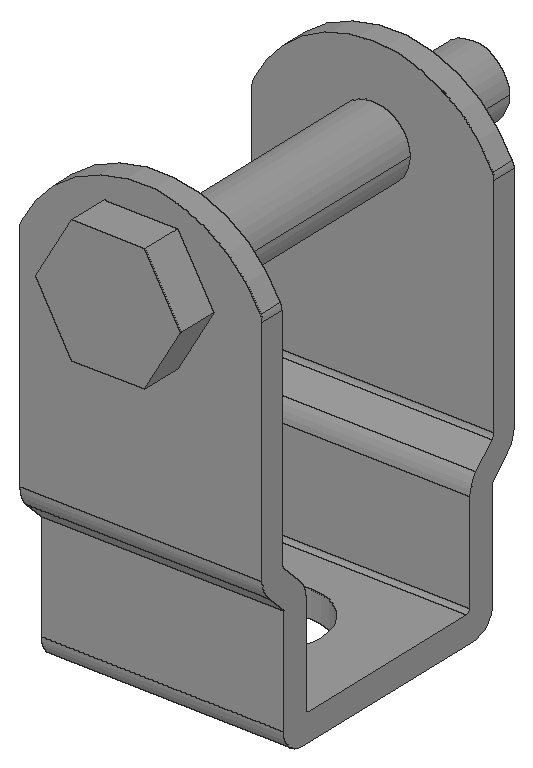
Revit family "Beam_Clamp-Unistrut-P2677", category Specialty Equipment, Revit 2012
Parameters (values of type "P2677")
  ecoScorecard_data = "http://products.ecoscorecard.com/atkore/P2677"
  ecoScorecard Product Page = "http://products.ecoscorecard.com/atkore/P2677?action=html"
  Weight Per Piece = 0.30 lbf
  Unit = Default
  Unistrut Part Number = "P2677"  # constant formula
  URL = "http://unistrut.us/index.php"
  Subcategory = "Beam Clamps"  # constant formula
  Product Page URL = "http://unistrut.us/index.php?WP=cat_detail&S=S05&P=P2677"
  Part Type = "Beam Clamp"  # constant formula
  Overall Width = 1 5/8"  # constant formula
  Overall Length = 1 1/4"  # constant formula
  Overall Height = 2 1/2"  # constant formula
  Model = "P2677"  # constant formula
  Material = ""
  Manufacturer Phone - Toll Free = "800-882-5543"  # constant formula
  Manufacturer Phone = "708-339-1610"  # constant formula
  Manufacturer Fax = "708-339-7814"  # constant formula
  Manufacturer Email = "mailto:jshaw@atkore.com"
  Manufacturer Address = "16100 South Lathrop Avenue, Harvey, IL 60426"  # constant formula
  Manufacturer = "Unistrut by Atkore International"  # constant formula
  Load Capacity Note = "Visit the product page for load application and capacity."  # constant formula
  Literature URL = "http://unistrut.us/index.php?WP=LItLibrary"
  Cost Info = "mailto:jshaw@atkore.com"
  CAD URL = "http://unistrut.us/index.php?WP=CAD3d"
  Assembly Code = "D5020100"
  95 CSI = "16070"  # constant formula
  04 CSI = "26 05 48"  # constant formula
Reference planes (in)
  plane 1 "Center (Front/Back)": y = 0
  plane 2: z = 0
  plane 3 "Center (Left/Right)": x = 0
Dimensions and locks (in)
  aligned and locked: level to plane 2
  aligned and locked: plane 3 "Center (Left/Right)" to nested 1
  aligned and locked: plane 1 "Center (Front/Back)" to nested 1
  aligned and locked: nested 1 to level
Nested families (in)
  nested 1: "Beam Clamp_P2677" at (0, 0, 0), type "Beam Clamp_P2677"
Definition of nested family "Beam Clamp_P2677"
  Parameters (values of type "Beam Clamp_P2677")
    Unit = Default
    Default Elevation = 48"
  Reference planes (in)
    plane 1 "Center (Front/Back)": y = 0
    plane 2: z = 0
    plane 3 "Center (Left/Right)": x = 0
    plane 4: z = 2.5
    plane 5: x = -0.625
    plane 6: x = 0.625
    plane 7: y = 0.6875
    plane 8: y = -0.6875
    plane 9: y = 0.625
    plane 10: y = -0.625
    plane 11: z = 0.5
  Forms (in)
    Extrusion 1, solid, material "Default" <- "Unit"
      sketch origin (0, 0, 0) x (0, 1, 0) y (0, 0, 1)
        loop
          line (-0.6875, 2.5) -> (-0.8125, 2.5) -> (-0.8125, 0.87482)
          arc (-0.8125, 0.87482) -> (-0.80183, 0.82118) -> (-0.77145, 0.77571) r 0.14017
          line (-0.77145, 0.77571) -> (-0.67188, 0.67612) -> (-0.67188, 0.12046)
          arc (-0.67188, 0.12046) -> (-0.63659, 0.03528) -> (-0.55142, 0) r 0.12046
          line (-0.55142, 0) -> (0.55142, 0)
          arc (0.55142, 0) -> (0.63659, 0.03528) -> (0.67187, 0.12046) r 0.12046
          line (0.67187, 0.12046) -> (0.67187, 0.67612) -> (0.77145, 0.77571)
          arc (0.77145, 0.77571) -> (0.80183, 0.82118) -> (0.8125, 0.87482) r 0.14017
          line (0.8125, 0.87482) -> (0.8125, 2.5) -> (0.6875, 2.5) -> (0.6875, 0.90718)
          arc (0.6875, 0.90718) -> (0.68446, 0.89189) -> (0.67579, 0.87892) r 0.03997
          line (0.67579, 0.87892) -> (0.57145, 0.77457)
          arc (0.57145, 0.77457) -> (0.5417, 0.73005) -> (0.53125, 0.67753) r 0.13724
          line (0.53125, 0.67753) -> (0.53125, 0.16132)
          arc (0.53125, 0.16132) -> (0.52519, 0.14669) -> (0.51056, 0.14062) r 0.02069
          line (0.51056, 0.14062) -> (-0.51089, 0.14062)
          arc (-0.51089, 0.14062) -> (-0.52529, 0.14659) -> (-0.53125, 0.16098) r 0.02036
          line (-0.53125, 0.16098) -> (-0.53125, 0.67753)
          arc (-0.53125, 0.67753) -> (-0.5417, 0.73005) -> (-0.57145, 0.77457) r 0.13724
          line (-0.57145, 0.77457) -> (-0.67602, 0.87914)
          arc (-0.67602, 0.87914) -> (-0.68452, 0.89186) -> (-0.6875, 0.90686) r 0.0392
          line (-0.6875, 0.90686) -> (-0.6875, 2.5)
      from -0.625 to 0.625
    Extrusion 2, void
      sketch origin (0, 0, 0) x (1, 0, 0) y (0, 0, 1)
        loop
          arc (-0.61766, 2.10679) -> (-0.00007, 2.5) -> (0.6176, 2.10692) r 0.68172
          arc (0.6176, 2.10692) -> (0.62313, 2.09067) -> (0.625, 2.0736) r 0.07871
          line (0.625, 2.0736) -> (0.625, 1.92179) -> (0.72378, 1.92179) -> (0.72378, 2.74179) -> (-0.77622, 2.74179) -> (-0.77622, 1.92179) -> (-0.625, 1.92179) -> (-0.625, 2.07373)
          arc (-0.625, 2.07373) -> (-0.62314, 2.09066) -> (-0.61766, 2.10679) r 0.07813
        loop
          circle (0, 2.0314) r 0.18905
      from -0.8125 to 0.8125
    Extrusion 3, solid, material "Default" <- "Unit"
      sketch origin (0, 0, 0) x (1, 0, 0) y (0, 0, 1)
        loop
          line (0.18764, 2.3564) -> (-0.18764, 2.3564) -> (-0.37527, 2.0314) -> (-0.18764, 1.7064) -> (0.18764, 1.7064) -> (0.37527, 2.0314) -> (0.18764, 2.3564)
      from 0.8125 to 1.025
    Extrusion 4, solid, material "Default" <- "Unit"
      sketch origin (0, 0, 0) x (1, 0, 0) y (0, 0, 1)
        loop
          circle (0, 2.0314) r 0.18905
      from -1.32812 to 0.8125
    Extrusion 5, void
      sketch origin (0, 0, 0) x (1, 0, 0) y (0, 1, 0)
        loop
          circle (0, 0) r 0.28397
      from 0.14062 to 0
  Cuts and joins
    Extrusion 2, Extrusion 5 cuts Extrusion 1
    joined: Extrusion 1, Extrusion 3, Extrusion 4
  Dimensions and locks (in)
    locked: plane 5 to plane 6 at 1.25
    locked: plane 4 to level at 2.5  (x2)
    equal spacing: plane 6, plane 3 "Center (Left/Right)", plane 5
    locked: plane 7 to plane 8 at 1.375
    equal spacing: plane 7, plane 1 "Center (Front/Back)", plane 8
    locked: plane 7 to plane 9 at 0.0625
    locked: plane 10 to plane 8 at 0.0625
    locked: plane 11 to level at 0.5
    aligned and locked: plane 2 to level
    aligned and locked: Extrusion 1 to plane 5
    aligned and locked: Extrusion 1 to plane 6
    aligned and locked: Extrusion 2 to Extrusion 1
    aligned and locked: Extrusion 1 to Extrusion 2
    aligned and locked: Extrusion 5 to cut or joined group of Extrusion 1, Extrusion 2, Extrusion 3, Extrusion 4, Extrusion 5
    aligned and locked: cut or joined group of Extrusion 1, Extrusion 2, Extrusion 3, Extrusion 4, Extrusion 5 to Extrusion 5
  Automatic sketch dimensions
    plane 6 to Extrusion 3 sketch curve = 1.00027"
    Extrusion 3 sketch curve to plane 4 = 0.1436"
    Extrusion 3 sketch curve to Extrusion 3 sketch curve = 0.18764"  (x3)
    Extrusion 3 sketch curve to Extrusion 3 sketch curve = 0.37527"  (x2)
    Extrusion 3 sketch curve to plane 4 = 0.4686"
    Extrusion 3 sketch curve to Extrusion 3 sketch curve = 0.325"  (x2)
    Extrusion 4 sketch curve to plane 3 "Center (Left/Right)" = 0"
    Extrusion 4 sketch curve to plane 4 = 0.4686"
    plane 1 "Center (Front/Back)" to Extrusion 5 sketch curve = 0"
    plane 6 to Extrusion 5 sketch curve = 5/8"
    Extrusion 2 sketch curve to plane 3 "Center (Left/Right)" = 0"  (x2)
    plane 6 to Extrusion 2 sketch curve = 0"
    Extrusion 2 sketch curve to plane 5 = 0.15122"
    plane 5 to Extrusion 2 sketch curve = 0.00734"
    Extrusion 2 sketch curve to Extrusion 2 sketch curve = 0"
    plane 5 to Extrusion 2 sketch curve = 5/64"
    Extrusion 2 sketch curve to Extrusion 2 sketch curve = 0.07871"
    plane 6 to Extrusion 2 sketch curve = 0.0074"
    Extrusion 2 sketch curve to plane 6 = 0.09878"
    Extrusion 2 sketch curve to plane 4 = 0.68172"
    Extrusion 2 sketch curve to Extrusion 2 sketch curve = 0.15194"
    Extrusion 2 sketch curve to Extrusion 2 sketch curve = 0.15181"
    Extrusion 2 sketch curve to Extrusion 2 sketch curve = 0.21312"
    plane 4 to Extrusion 2 sketch curve = 0.24179"
    Extrusion 2 sketch curve to plane 5 = 0"
    Extrusion 1 sketch curve to plane 4 = 0"  (x2)
    Extrusion 1 sketch curve to plane 8 = 0"
    Extrusion 1 sketch curve to level = 0"
    Extrusion 1 sketch curve to plane 7 = 0"
    Extrusion 1 sketch curve to plane 8 = 0.08395"
    Extrusion 1 sketch curve to Extrusion 1 sketch curve = 0.04105"  (x2)
    plane 8 to Extrusion 1 sketch curve = 0.01148"
    Extrusion 1 sketch curve to Extrusion 1 sketch curve = 0.00369"
    plane 8 to Extrusion 1 sketch curve = 1/64"
    Extrusion 1 sketch curve to Extrusion 1 sketch curve = 0.00338"  (x2)
    Extrusion 1 sketch curve to plane 10 = 0.0233"
    plane 10 to Extrusion 1 sketch curve = 0.05355"
    plane 10 to Extrusion 1 sketch curve = 0.07358"
    plane 10 to Extrusion 1 sketch curve = 3/32"
    Extrusion 1 sketch curve to Extrusion 1 sketch curve = 0.02036"
    plane 9 to Extrusion 1 sketch curve = 0.11444"
    plane 9 to Extrusion 1 sketch curve = 3/32"
    plane 9 to Extrusion 1 sketch curve = 0.07358"
    plane 9 to Extrusion 1 sketch curve = 0.05355"
    Extrusion 1 sketch curve to plane 9 = 0.02253"
    plane 7 to Extrusion 1 sketch curve = 0.01901"
    plane 7 to Extrusion 1 sketch curve = 0.01517"
    Extrusion 1 sketch curve to Extrusion 1 sketch curve = 0.00346"
    Extrusion 1 sketch curve to plane 7 = 0.08395"
    Extrusion 1 sketch curve to Extrusion 1 sketch curve = 0.02017"
    Extrusion 1 sketch curve to Extrusion 1 sketch curve = 0"
    plane 11 to Extrusion 1 sketch curve = 0.17612"  (x2)
    Extrusion 1 sketch curve to Extrusion 1 sketch curve = 0.00141"  (x2)
    Extrusion 1 sketch curve to Extrusion 1 sketch curve = 0.09959"  (x2)
    Extrusion 1 sketch curve to Extrusion 1 sketch curve = 0.0041"
    Extrusion 1 sketch curve to Extrusion 1 sketch curve = 0.00432"
    radius of Extrusion 4 sketch curve = 0.18905"
    radius of Extrusion 5 sketch curve = 0.28397"
    radius of Extrusion 2 sketch curve = 0.18905"
